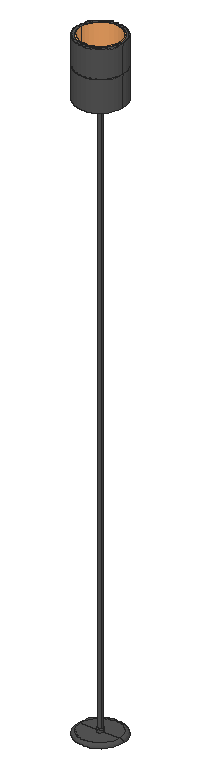
Revit family "MELO CYLINDER PENDANT LIGHT", category Lighting Fixtures, host Face, Revit 2020 (continued)
Types (16): name | Wattage_Input | Wattage Comments | Wattage | Voltage_Input | Size 08 | Size 06 | Size 04 | Selectable Wattage | Photometric Web File | Pendent Rod Length_1 | Pendent | Order number | built-in parameter 1150142 | Model | built-in parameter 1150105 | Lumens | built-in parameter 1150106 | Fixture Diameter | Canopy for Surface Mount J-box | Canopy for Recessed J-Box | Canopy Height | C2 H | C1 H | BEAMING ANGLE
    2.19  5463.26  5445.79  \r\n 5422.61  5395.62  5365.31  5329.32  5283.88  5228.96  5160.97  5078.62  4980.63  4865.11  \r\n 4730.17  4579.07  4404.80  4204.47  4001.58  3791.13  3563.69  3322.67  3085.57  2831.15  \r\n 2582.19  2322.48  2082.41  1858.96  1651.64  1446.34  1239.51  1032.67  800.45   590.72   \r\n 420.88   304.09   235.35   196.67   172.34   154.92   143.06   131.24   122.32   110.76   \r\n 97.96    91.73    87.66    84.83    82.81    80.71    78.59    76.63    74.82    72.95    \r\n 70.60    67.96    65.39    62.69    59.94    57.19    54.35    51.57    48.76    45.99    \r\n 43.15    40.44    37.68    35.05    32.33    29.80    27.24    24.79    22.36    20.00    \r\n 17.73    15.53    13.44    11.22    9.06     6.72     4.52     2.58     0.75     0.18     \r\n 0.17     0.17     0.17     0.17     0.17     0.17     0.17     0.17     0.17     0.17     \r\n 0.17     0.17     0.17     0.18     0.20     0.23     0.23     0.23     0.23     0.23     \r\n 0.23     0.24     0.25     0.27     0.29     0.29     0.29     0.29     0.30     0.32     \r\n 0.37     0.36     0.40     0.46     0.51     0.58     0.65     0.73     0.83     0.96     \r\n 1.11     1.26     1.43     1.62     1.82     2.04     2.29     2.54     2.81     3.10     \r\n 3.39     3.73     4.01     4.32     4.65     4.97     5.30     5.62     5.94     6.25     \r\n 6.55     6.85     7.15     7.46     7.76     8.06     8.37     8.67     8.95     9.24     \r\n 9.52     9.78     10.06    10.31    10.57    10.82    11.06    11.27    11.49    11.72    \r\n 11.89    12.08    12.23    12.38    12.51    12.64    12.76    12.85    12.91    12.98    \r\n 13.15    \r\n5574.52  5577.38  5579.75  5580.72  5580.26  5577.91  5577.41  5576.94  5569.44  5552.48  \r\n 5528.86  5501.87  5468.75  5433.69  5392.50  5338.12  5270.64  5183.18  5086.11  4969.25  \r\n 4833.87  4679.54  4504.82  4301.75  4096.01  3882.28  3645.00  3399.23  3150.83  2900.06  \r\n 2642.70  2384.79  2129.69  1894.78  1684.01  1468.35  1261.28  1054.30  814.12   602.18   \r\n 433.48   313.41   242.62   203.42   178.28   160.48   147.57   134.71   125.36   113.93   \r\n 100.60   93.72    89.63    86.70    84.61    82.47    80.25    78.36    76.57    74.71    \r\n 72.33    69.70    67.07    64.37    61.60    58.78    55.90    53.04    50.15    47.27    \r\n 44.46    41.56    38.77    35.99    33.25    30.60    27.99    25.42    22.94    20.55    \r\n 18.19    15.86    13.68    11.46    9.25     6.90     4.36     1.91     0.64     0.26     \r\n 0.18     0.17     0.17     0.17     0.17     0.17     0.17     0.17     0.17     0.17     \r\n 0.17     0.18     0.19     0.21     0.22     0.22     0.22     0.22     0.22     0.23     \r\n 0.26     0.30     0.31     0.31     0.31     0.31     0.31     0.31     0.33     0.37     \r\n 0.37     0.38     0.43     0.46     0.51     0.58     0.65     0.74     0.83     0.96     \r\n 1.08     1.24     1.39     1.57     1.75     1.96     2.19     2.43     2.68     2.95     \r\n 3.23     3.53     3.82     4.14     4.44     4.78     5.10     5.41     5.74     6.05     \r\n 6.39     6.69     6.98     7.32     7.62     7.97     8.27     8.60     8.91     9.22     \r\n 9.53     9.85     10.15    10.44    10.73    11.01    11.26    11.52    11.77    12.00    \r\n 12.21    12.40    12.57    12.73    12.86    12.99    13.09    13.23    13.23    13.28    \r\n 13.15    \r\n5560.85  5565.11  5567.94  5569.82  5568.84  5564.59  5562.73  5564.56  5559.77  5545.98  \r\n 5526.49  5500.85  5470.95  5436.77  5397.81  5348.83  5284.66  5202.03  5106.11  4994.39  \r\n 4864.35  4715.82  4550.58  4354.20  4145.60  3937.78  3710.95  3462.08  3216.57  2970.91  \r\n 2709.90  2442.07  2179.25  1935.35  1718.54  1504.40  1308.67  1098.02  858.65   637.98   \r\n 462.74   357.52   252.77   210.18   183.07   163.85   148.95   136.85   126.78   116.03   \r\n 102.89   94.21    89.69    86.42    84.31    82.24    80.24    78.39    76.64    74.73    \r\n 72.57    69.96    67.33    64.69    61.93    59.17    56.35    53.56    50.74    47.92    \r\n 45.06    42.24    39.48    36.68    34.04    31.30    28.67    26.12    23.56    21.13    \r\n 18.70    16.38    14.12    11.88    9.59     7.26     4.49     1.75     0.22     0.15     \r\n 0.15     0.16     0.16     0.17     0.17     0.17     0.18     0.18     0.19     0.19     \r\n 0.20     0.20     0.21     0.22     0.23     0.23     0.24     0.25     0.26     0.26     \r\n 0.27     0.27     0.28     0.29     0.30     0.32     0.33     0.34     0.35     0.36     \r\n 0.39     0.41     0.44     0.48     0.53     0.60     0.67     0.75     0.85     0.95     \r\n 1.08     1.22     1.37     1.54     1.72     1.93     2.15     2.38     2.64     2.90     \r\n 3.18     3.47     3.76     4.08     4.38     4.71     5.04     5.35     5.67     5.98     \r\n 6.30     6.59     6.91     7.23     7.55     7.86     8.20     8.53     8.86     9.16     \r\n 9.47     9.81     10.11    10.40    10.67    10.95    11.21    11.45    11.70    11.93    \r\n 12.16    12.36    12.55    12.72    12.88    13.02    13.12    13.21    13.27    13.30    \r\n 13.15    \r\n5548.42  5552.71  5556.98  5557.97  5556.10  5552.80  5549.95  5550.39  5546.64  5535.82  \r\n 5517.89  5494.72  5463.98  5430.35  5389.66  5338.09  5277.66  5195.91  5097.97  4989.06  \r\n 4857.53  4706.98  4540.75  4342.93  4137.25  3929.14  3696.15  3450.88  3202.02  2952.65  \r\n 2688.29  2425.61  2162.96  1922.33  1705.40  1493.90  1291.48  1089.16  845.52   628.81   \r\n 457.10   330.68   253.35   210.77   183.76   164.67   150.28   135.95   126.20   115.13   \r\n 102.01   93.74    89.28    85.93    83.84    81.79    79.72    77.90    76.15    74.29    \r\n 72.11    69.47    66.88    64.21    61.52    58.77    56.01    53.23    50.42    47.64    \r\n 44.88    42.09    39.35    36.65    33.95    31.32    28.74    26.16    23.65    21.19    \r\n 18.79    16.43    14.17    11.92    9.78     7.58     5.03     2.22     0.56     0.22     \r\n 0.17     0.17     0.17     0.17     0.17     0.17     0.17     0.17     0.17     0.17     \r\n 0.17     0.18     0.19     0.22     0.24     0.24     0.24     0.24     0.24     0.24     \r\n 0.24     0.24     0.28     0.30     0.29     0.29     0.29     0.30     0.32     0.37     \r\n 0.38     0.39     0.44     0.45     0.51     0.61     0.64     0.75     0.81     0.93     \r\n 1.05     1.19     1.35     1.52     1.70     1.93     2.13     2.36     2.62     2.88     \r\n 3.15     3.44     3.74     4.05     4.36     4.69     5.02     5.34     5.65     5.96     \r\n 6.28     6.58     6.87     7.19     7.48     7.82     8.12     8.45     8.77     9.08     \r\n 9.40     9.73     10.05    10.35    10.62    10.89    11.13    11.36    11.58    11.81    \r\n 12.03    12.23    12.43    12.61    12.78    12.93    13.05    13.14    13.22    13.27    \r\n 13.15    \r\n5535.74  5540.48  5545.19  5546.13  5546.56  5542.30  5539.01  5538.54  5537.99  5527.05  \r\n 5511.35  5489.02  5461.01  5428.26  5391.20  5345.57  5287.55  5209.66  5118.47  5010.55  \r\n 4886.66  4742.39  4580.02  4389.82  4190.16  3982.81  3756.91  3506.19  3263.35  3010.54  \r\n 2757.64  2491.75  2227.55  1984.31  1767.10  1553.70  1354.77  1151.84  903.44   670.86   \r\n 487.41   352.00   283.99   216.27   187.54   167.13   150.94   137.96   127.55   117.36   \r\n 104.39   94.21    89.49    85.80    83.64    81.48    79.53    77.75    76.04    74.18    \r\n 72.16    69.63    67.00    64.40    61.71    59.04    56.26    53.51    50.71    47.95    \r\n 45.15    42.39    39.65    36.86    34.25    31.53    28.94    26.38    23.81    21.36    \r\n 18.90    16.52    14.20    11.95    9.75     7.61     5.53     3.17     1.23     0.14     \r\n 0.14     0.14     0.15     0.15     0.16     0.16     0.16     0.17     0.18     0.18     \r\n 0.19     0.19     0.20     0.21     0.22     0.22     0.23     0.23     0.24     0.26     \r\n 0.26     0.27     0.28     0.29     0.29     0.32     0.33     0.34     0.35     0.36     \r\n 0.39     0.41     0.43     0.48     0.52     0.58     0.65     0.73     0.82     0.93     \r\n 1.05     1.18     1.34     1.50     1.69     1.88     2.10     2.33     2.58     2.84     \r\n 3.11     3.41     3.70     4.01     4.32     4.63     4.95     5.26     5.58     5.89     \r\n 6.20     6.49     6.78     7.08     7.39     7.71     8.03     8.34     8.67     8.98     \r\n 9.30     9.62     9.94     10.24    10.53    10.84    11.12    11.37    11.62    11.85    \r\n 12.07    12.28    12.47    12.66    12.83    12.97    13.10    13.20    13.29    13.33    \r\n 13.15    \r\n5526.16  5529.03  5534.22  5535.21  5535.69  5531.48  5528.15  5526.71  5522.94  5510.72  \r\n 5496.05  5478.54  5453.50  5422.74  5384.89  5339.45  5281.42  5205.32  5113.07  5006.57  \r\n 4882.09  4740.07  4571.12  4382.17  4184.09  3975.60  3749.17  3505.37  3262.62  3009.11  \r\n 2744.22  2476.39  2211.33  1970.21  1750.46  1540.33  1337.90  1135.56  885.61   664.60   \r\n 482.82   348.94   264.41   217.21   188.16   167.67   151.20   137.02   126.57   115.96   \r\n 102.86   93.22    88.64    85.12    83.04    80.94    78.85    77.00    75.33    73.54    \r\n 71.55    69.02    66.42    63.83    61.18    58.46    55.73    52.96    50.19    47.42    \r\n 44.64    41.86    39.09    36.37    33.64    30.97    28.35    25.72    23.19    20.74    \r\n 18.31    15.93    13.64    11.38    9.22     7.10     5.02     2.97     1.03     0.18     \r\n 0.16     0.16     0.16     0.16     0.16     0.16     0.16     0.16     0.16     0.16     \r\n 0.16     0.16     0.16     0.17     0.18     0.20     0.21     0.21     0.21     0.22     \r\n 0.22     0.24     0.25     0.27     0.28     0.28     0.29     0.30     0.32     0.35     \r\n 0.36     0.37     0.41     0.44     0.50     0.61     0.62     0.72     0.80     0.90     \r\n 1.02     1.17     1.33     1.49     1.66     1.86     2.08     2.31     2.56     2.82     \r\n 3.12     3.39     3.68     3.98     4.30     4.59     4.92     5.22     5.54     5.85     \r\n 6.16     6.44     6.74     7.06     7.37     7.71     8.03     8.35     8.67     8.98     \r\n 9.30     9.61     9.92     10.21    10.50    10.79    11.05    11.32    11.56    11.80    \r\n 12.02    12.23    12.42    12.62    12.77    12.92    13.06    13.14    13.22    13.29    \r\n 13.15    \r\n5514.87  5518.67  5522.93  5526.67  5524.76  5520.98  5518.15  5517.18  5513.83  5504.77  \r\n 5489.60  5473.90  5452.04  5424.50  5392.19  5350.82  5296.13  5224.42  5139.40  5039.04  \r\n 4921.28  4780.28  4615.18  4435.38  4241.88  4041.17  3821.46  3580.61  3338.22  3083.22  \r\n 2828.04  2549.10  2277.20  2029.61  1804.74  1590.32  1387.01  1185.21  937.02   705.26   \r\n 516.79   373.32   297.67   222.38   191.09   169.41   152.46   138.95   127.76   117.60   \r\n 104.42   93.50    88.55    84.87    82.70    80.63    78.67    76.85    75.08    73.39    \r\n 71.45    69.08    66.46    63.91    61.28    58.62    55.86    53.13    50.33    47.55    \r\n 44.73    41.94    39.19    36.38    33.75    30.99    28.37    25.82    23.26    20.82    \r\n 18.36    15.99    13.69    11.44    9.25     7.10     5.05     2.99     1.14     0.14     \r\n 0.14     0.14     0.14     0.14     0.15     0.15     0.15     0.17     0.16     0.18     \r\n 0.18     0.19     0.20     0.20     0.21     0.22     0.22     0.23     0.24     0.25     \r\n 0.26     0.26     0.28     0.28     0.30     0.32     0.33     0.33     0.35     0.36     \r\n 0.37     0.40     0.43     0.46     0.51     0.57     0.64     0.72     0.80     0.91     \r\n 1.02     1.15     1.30     1.47     1.65     1.83     2.05     2.27     2.52     2.78     \r\n 3.05     3.33     3.62     3.92     4.22     4.54     4.85     5.18     5.48     5.78     \r\n 6.09     6.39     6.70     7.01     7.32     7.64     7.97     8.30     8.63     8.93     \r\n 9.26     9.59     9.89     10.18    10.47    10.76    11.03    11.28    11.54    11.78    \r\n 12.01    12.22    12.41    12.58    12.73    12.87    12.99    13.10    13.18    13.25    \r\n 13.15    \r\n5505.34  5507.71  5512.42  5515.76  5514.38  5510.62  5508.70  5508.21  5505.40  5497.87  \r\n 5485.59  5471.39  5451.07  5426.00  5398.99  5359.77  5307.89  5236.55  5150.44  5047.76  \r\n 4922.86  4776.14  4614.64  4439.37  4245.20  4041.44  3816.93  3576.43  3327.16  3076.38  \r\n 2803.10  2529.07  2256.45  2013.37  1791.25  1577.81  1374.93  1172.17  919.63   696.04   \r\n 508.02   364.86   273.19   221.78   190.55   169.32   152.59   137.81   126.94   116.05   \r\n 102.44   92.40    87.71    84.07    82.06    80.13    78.13    76.29    74.46    72.72    \r\n 70.84    68.43    65.86    63.28    60.66    57.97    55.26    52.50    49.71    46.93    \r\n 44.15    41.33    38.56    35.80    33.09    30.45    27.85    25.28    22.77    20.33    \r\n 17.92    15.57    13.31    11.07    8.92     6.79     4.72     2.70     0.86     0.18     \r\n 0.15     0.15     0.15     0.15     0.15     0.15     0.15     0.15     0.15     0.15     \r\n 0.15     0.15     0.15     0.17     0.17     0.20     0.21     0.21     0.21     0.21     \r\n 0.21     0.23     0.24     0.25     0.27     0.28     0.28     0.29     0.30     0.34     \r\n 0.38     0.38     0.39     0.43     0.49     0.53     0.60     0.69     0.77     0.88     \r\n 0.99     1.13     1.28     1.47     1.63     1.83     2.02     2.27     2.51     2.76     \r\n 3.03     3.32     3.59     3.90     4.20     4.52     4.85     5.14     5.47     5.78     \r\n 6.09     6.40     6.68     7.01     7.32     7.65     7.97     8.29     8.61     8.91     \r\n 9.24     9.54     9.85     10.15    10.43    10.69    10.96    11.21    11.47    11.69    \r\n 11.91    12.09    12.28    12.46    12.62    12.76    12.90    12.99    13.07    13.14    \r\n 13.15    \r\n" | "MELO06R-SP30801-10D-60-GD-BK" | 4200 (stored number, unit not read) | 4200 lm | 42 (stored number, unit not read) | 0' - 5 205/256" | no | yes | 0' - 0 1/2" | 0' - 2 109/128" | 0' - 3 13/256" | 60.00°
  MELO06R-SP30801-10D-90-GD-BK | 40 W | "40W/30W/20W" | 28.2748 W | 0 V | no | yes | no | 40 W | "generic.ies" | 4' - 0" | yes | "17298" | "IESNA:LM-63-1995\r\n[LUMINAIRE] kronz light <kronz>\r\nTILT=NONE\r\n1\r\n1257.000000\r\n1.0\r\n2\r\n1\r\n1\r\n1\r\n0 0 0\r\n1.0 1.0 100.000000\r\n0.000 180.000 \r\n0.000 \r\n100.000 100.000 \r\n" | "MELO06R-SP30801-10D-90-GD-BK" | 4200 (stored number, unit not read) | 4200 lm | 42 (stored number, unit not read) | 0' - 5 205/256" | no | yes | 0' - 0 1/2" | 0' - 2 109/128" | 0' - 3 13/256" | 90.00°
